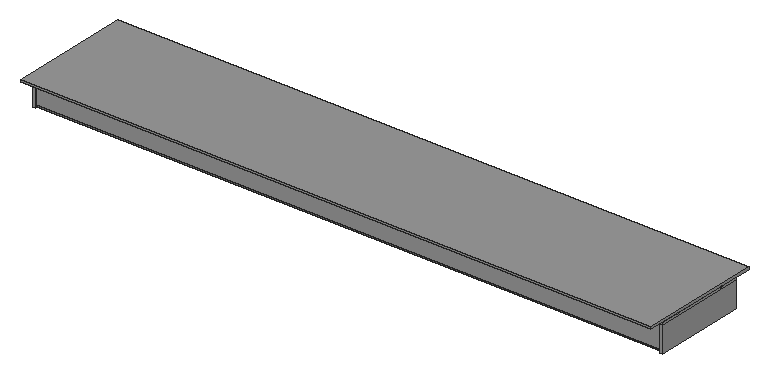
Revit family "Berica 2.2 M", category Lighting Fixtures, Revit 2020 (continued)
Definition of nested family "Light Source Berica 2.2"
  Parameters (values of type "L 45°x96°")
      8.75 87.87 88.75 \r\n91.26 95.04 99.40 105.83 112.45 119.46 127.69 134.81 \r\n144.00 151.64 160.64 170.00 179.30 189.88 200.35 211.11 \r\n222.94 234.51 246.21 259.39 270.96 284.65 297.87 311.40 \r\n324.82 338.51 353.88 368.58 383.39 398.96 415.10 433.00 \r\n448.95 467.33 485.06 504.17 524.90 546.36 568.11 591.62 \r\n615.57 641.47 667.55 695.36 725.88 754.75 786.09 821.66 \r\n854.41 889.13 927.53 962.84 1001.72 1042.71 1078.86 \r\n1122.20 1157.97 1201.54 1236.95 1273.90 1312.03 1348.69 \r\n1383.55 1416.02 1450.01 1481.39 1513.12 1540.69 1570.18 \r\n1595.38 1619.69 1642.78 1665.38 1685.63 1704.07 1720.60 \r\n1734.06 1747.44 1757.90 1768.13 1774.83 1781.46 1787.34 \r\n1791.72 1795.25 1797.24 1798.85 1798.62 1796.12 \r\n1796.12 1797.82 1798.04 1796.44 1794.48 1789.90 1784.20 \r\n1778.01 1770.86 1760.68 1748.66 1735.06 1720.35 1702.42 \r\n1681.78 1659.40 1637.02 1610.20 1583.31 1552.29 1521.85 \r\n1490.60 1454.96 1421.53 1385.22 1346.51 1308.29 1271.37 \r\n1228.29 1188.31 1148.96 1108.98 1070.49 1026.11 988.44 \r\n952.34 912.02 876.83 842.95 807.58 777.79 744.32 717.45 \r\n690.24 663.65 639.46 616.89 594.24 573.10 553.61 534.94 \r\n517.41 498.83 482.33 467.09 451.22 436.68 421.55 406.81 \r\n393.50 379.27 366.41 352.11 339.28 326.72 314.55 300.69 \r\n289.50 276.35 264.57 252.97 240.80 230.27 219.80 209.72 \r\n200.39 191.06 182.51 173.64 165.36 158.07 150.66 143.20 \r\n136.33 130.36 123.78 118.84 114.56 111.82 109.32 108.73 \r\n109.32 111.82 114.56 118.84 123.78 130.36 136.33 143.20 \r\n150.66 158.07 165.36 173.64 182.51 191.06 200.39 209.72 \r\n219.80 230.27 240.80 252.97 264.57 276.35 289.50 300.69 \r\n314.55 326.72 339.28 352.11 366.41 379.27 393.50 406.81 \r\n421.55 436.68 451.22 467.09 482.33 498.83 517.41 534.94 \r\n553.61 573.10 594.24 616.89 639.46 663.65 690.24 717.45 \r\n744.32 777.79 807.58 842.95 876.83 912.02 952.34 988.44 \r\n1026.11 1070.49 1108.98 1148.96 1188.31 1228.29 1271.37 \r\n1308.29 1346.51 1385.22 1421.53 1454.96 1490.60 1521.85 \r\n1552.29 1583.31 1610.20 1637.02 1659.40 1681.78 1702.42 \r\n1720.35 1735.06 1748.66 1760.68 1770.86 1778.01 1784.20 \r\n1789.90 1794.48 1796.44 1798.04 1797.82 1796.12 \r\n1796.12 1798.30 1798.52 1797.44 1793.59 1789.14 1783.46 \r\n1775.60 1766.19 1752.48 1738.49 1722.19 1702.79 1681.23 \r\n1657.74 1631.53 1604.12 1574.01 1542.22 1509.27 1472.76 \r\n1436.51 1399.06 1356.45 1316.14 1274.62 1233.87 1188.74 \r\n1146.73 1102.93 1065.75 1022.42 983.89 945.14 906.12 \r\n869.02 834.65 800.54 769.95 742.24 713.35 687.32 662.17 \r\n640.49 618.23 598.41 579.15 561.41 545.02 528.31 513.09 \r\n497.69 483.84 469.31 455.73 441.99 429.39 416.25 404.26 \r\n390.90 378.43 366.37 353.49 341.21 329.41 317.65 306.43 \r\n293.58 282.61 270.77 260.06 249.96 240.06 230.89 221.32 \r\n213.16 203.82 196.16 188.34 180.47 173.73 165.85 159.81 \r\n153.48 147.87 142.92 138.45 135.07 131.62 129.70 128.71 \r\n129.70 131.62 135.07 138.45 142.92 147.87 153.48 159.81 \r\n165.85 173.73 180.47 188.34 196.16 203.82 213.16 221.32 \r\n230.89 240.06 249.96 260.06 270.77 282.61 293.58 306.43 \r\n317.65 329.41 341.21 353.49 366.37 378.43 390.90 404.26 \r\n416.25 429.39 441.99 455.73 469.31 483.84 497.69 513.09 \r\n528.31 545.02 561.41 579.15 598.41 618.23 640.49 662.17 \r\n687.32 713.35 742.24 769.95 800.54 834.65 869.02 906.12 \r\n945.14 983.89 1022.42 1065.75 1102.93 1146.73 1188.74 \r\n1233.87 1274.62 1316.14 1356.45 1399.06 1436.51 1472.76 \r\n1509.27 1542.22 1574.01 1604.12 1631.53 1657.74 1681.23 \r\n1702.79 1722.19 1738.49 1752.48 1766.19 1775.60 1783.46 \r\n1789.14 1793.59 1797.44 1798.52 1798.30 1796.12 \r\n1796.12 1798.52 1798.62 1796.07 1792.52 1787.80 1781.22 \r\n1770.85 1758.08 1743.63 1725.63 1704.63 1682.56 1656.89 \r\n1629.48 1600.00 1568.44 1532.35 1498.25 1460.37 1419.06 \r\n1377.20 1337.19 1292.71 1247.16 1202.81 1156.93 1115.68 \r\n1067.41 1026.24 986.00 945.16 907.06 869.96 834.71 801.99 \r\n770.10 739.84 713.56 686.84 664.16 643.63 622.93 603.50 \r\n585.39 568.46 553.50 539.52 525.13 511.10 497.59 485.57 \r\n473.19 460.00 448.80 436.74 425.12 414.02 402.60 390.72 \r\n379.41 366.97 355.51 344.07 331.95 321.93 310.11 299.70 \r\n289.50 279.42 269.73 261.06 252.37 243.43 234.89 226.35 \r\n219.09 210.06 203.30 196.02 189.27 182.44 176.05 170.50 \r\n165.48 160.99 156.94 153.91 150.54 148.16 146.96 148.16 \r\n150.54 153.91 156.94 160.99 165.48 170.50 176.05 182.44 \r\n189.27 196.02 203.30 210.06 219.09 226.35 234.89 243.43 \r\n252.37 261.06 269.73 279.42 289.50 299.70 310.11 321.93 \r\n331.95 344.07 355.51 366.97 379.41 390.72 402.60 414.02 \r\n425.12 436.74 448.80 460.00 473.19 485.57 497.59 511.10 \r\n525.13 539.52 553.50 568.46 585.39 603.50 622.93 643.63 \r\n664.16 686.84 713.56 739.84 770.10 801.99 834.71 869.96 \r\n907.06 945.16 986.00 1026.24 1067.41 1115.68 1156.93 \r\n1202.81 1247.16 1292.71 1337.19 1377.20 1419.06 1460.37 \r\n1498.25 1532.35 1568.44 1600.00 1629.48 1656.89 1682.56 \r\n1704.63 1725.63 1743.63 1758.08 1770.85 1781.22 1787.80 \r\n1792.52 1796.07 1798.62 1798.52 1796.12 \r\n1796.12 1798.68 1798.49 1796.12 1791.58 1785.80 1777.25 \r\n1765.04 1750.82 1731.74 1711.92 1688.04 1662.75 1634.86 \r\n1603.82 1569.27 1531.16 1495.61 1452.39 1412.18 1365.68 \r\n1323.95 1277.13 1229.21 1182.00 1135.14 1087.12 1042.50 \r\n998.90 955.10 919.43 878.25 844.39 807.00 776.72 746.44 \r\n718.80 692.96 669.98 647.95 628.72 610.11 593.14 576.71 \r\n562.55 547.41 534.77 522.72 511.08 499.87 487.84 477.10 \r\n465.95 456.08 444.96 434.66 424.53 414.12 402.41 392.48 \r\n380.65 370.02 358.78 348.14 338.08 326.51 317.36 307.63 \r\n299.26 290.27 281.60 273.00 264.97 256.43 249.04 241.22 \r\n234.16 226.41 219.67 212.20 205.51 199.06 193.01 188.29 \r\n182.94 179.06 175.26 171.39 167.91 165.65 163.98 165.65 \r\n167.91 171.39 175.26 179.06 182.94 188.29 193.01 199.06 \r\n205.51 212.20 219.67 226.41 234.16 241.22 249.04 256.43 \r\n264.97 273.00 281.60 290.27 299.26 307.63 317.36 326.51 \r\n338.08 348.14 358.78 370.02 380.65 392.48 402.41 414.12 \r\n424.53 434.66 444.96 456.08 465.95 477.10 487.84 499.87 \r\n511.08 522.72 534.77 547.41 562.55 576.71 593.14 610.11 \r\n628.72 647.95 669.98 692.96 718.80 746.44 776.72 807.00 \r\n844.39 878.25 919.43 955.10 998.90 1042.50 1087.12 \r\n1135.14 1182.00 1229.21 1277.13 1323.95 1365.68 1412.18 \r\n1452.39 1495.61 1531.16 1569.27 1603.82 1634.86 1662.75 \r\n1688.04 1711.92 1731.74 1750.82 1765.04 1777.25 1785.80 \r\n1791.58 1796.12 1798.49 1798.68 1796.12 \r\n1796.12 1798.50 1797.50 1795.05 1790.68 1783.73 1773.05 \r\n1759.93 1741.65 1721.22 1696.84 1672.12 1641.57 1611.40 \r\n1573.88 1537.04 1499.78 1453.16 1410.52 1363.46 1316.51 \r\n1265.09 1221.66 1169.58 1120.94 1073.65 1024.78 983.55 \r\n935.70 896.81 859.82 823.19 790.32 760.55 728.74 704.88 \r\n679.35 657.67 637.02 618.09 602.55 586.36 571.79 557.70 \r\n545.07 532.46 522.70 510.89 501.48 491.81 482.18 472.28 \r\n463.23 453.26 444.11 434.46 424.40 414.74 403.33 394.04 \r\n383.30 373.08 363.33 353.35 343.77 335.51 326.64 318.75 \r\n310.77 302.11 294.22 286.49 279.40 271.71 264.17 257.08 \r\n249.48 242.62 235.48 228.92 222.60 216.37 210.88 205.05 \r\n200.95 196.24 192.78 188.77 184.86 182.70 181.02 182.70 \r\n184.86 188.77 192.78 196.24 200.95 205.05 210.88 216.37 \r\n222.60 228.92 235.48 242.62 249.48 257.08 264.17 271.71 \r\n279.40 286.49 294.22 302.11 310.77 318.75 326.64 335.51 \r\n343.77 353.35 363.33 373.08 383.30 394.04 403.33 414.74 \r\n424.40 434.46 444.11 453.26 463.23 472.28 482.18 491.81 \r\n501.48 510.89 522.70 532.46 545.07 557.70 571.79 586.36 \r\n602.55 618.09 637.02 657.67 679.35 704.88 728.74 760.55 \r\n790.32 823.19 859.82 896.81 935.70 983.55 1024.78 1073.65 \r\n1120.94 1169.58 1221.66 1265.09 1316.51 1363.46 1410.52 \r\n1453.16 1499.78 1537.04 1573.88 1611.40 1641.57 1672.12 \r\n1696.84 1721.22 1741.65 1759.93 1773.05 1783.73 1790.68 \r\n1795.05 1797.50 1798.50 1796.12 \r\n1796.12 1798.75 1797.82 1794.63 1789.41 1781.33 1768.87 \r\n1752.38 1733.45 1710.43 1683.10 1654.65 1621.44 1587.07 \r\n1549.90 1505.59 1462.51 1415.22 1367.70 1317.23 1268.06 \r\n1217.30 1167.82 1116.88 1067.01 1017.31 971.21 927.80 \r\n884.65 844.75 811.73 780.38 749.17 719.81 694.60 671.63 \r\n649.04 631.43 612.26 596.98 581.74 567.59 555.63 543.17 \r\n533.32 522.48 512.97 504.29 496.71 488.29 479.07 470.50 \r\n462.07 453.53 444.97 435.22 426.52 416.86 407.41 398.18 \r\n387.93 378.90 369.16 361.44 353.85 346.26 338.10 330.98 \r\n323.34 316.09 308.07 301.00 293.98 286.67 280.12 272.69 \r\n266.76 259.17 252.73 246.56 240.04 234.56 228.89 224.21 \r\n218.91 214.77 210.01 205.77 201.75 198.94 197.90 198.94 \r\n201.75 205.77 210.01 214.77 218.91 224.21 228.89 234.56 \r\n240.04 246.56 252.73 259.17 266.76 272.69 280.12 286.67 \r\n293.98 301.00 308.07 316.09 323.34 330.98 338.10 346.26 \r\n353.85 361.44 369.16 378.90 387.93 398.18 407.41 416.86 \r\n426.52 435.22 444.97 453.53 462.07 470.50 479.07 488.29 \r\n496.71 504.29 512.97 522.48 533.32 543.17 555.63 567.59 \r\n581.74 596.98 612.26 631.43 649.04 671.63 694.60 719.81 \r\n749.17 780.38 811.73 844.75 884.65 927.80 971.21 1017.31 \r\n1067.01 1116.88 1167.82 1217.30 1268.06 1317.23 1367.70 \r\n1415.22 1462.51 1505.59 1549.90 1587.07 1621.44 1654.65 \r\n1683.10 1710.43 1733.45 1752.38 1768.87 1781.33 1789.41 \r\n1794.63 1797.82 1798.75 1796.12 \r\n1796.12 1798.78 1797.82 1793.45 1788.12 1779.17 1764.88 \r\n1748.56 1725.11 1700.81 1672.90 1638.12 1603.81 1564.64 \r\n1520.63 1476.91 1429.16 1382.58 1328.87 1277.99 1224.27 \r\n1174.10 1120.55 1068.60 1019.32 969.99 926.54 882.80 \r\n842.91 804.45 775.50 744.36 717.17 689.89 668.80 647.26 \r\n628.00 610.60 593.85 580.17 567.00 554.78 543.71 533.58 \r\n524.15 516.43 510.10 502.49 493.87 486.39 478.34 470.96 \r\n464.34 456.19 447.70 438.95 429.97 421.01 412.95 403.63 \r\n395.35 386.66 379.49 372.05 365.33 358.08 351.48 343.41 \r\n337.02 329.70 323.04 316.63 309.46 303.06 295.96 289.55 \r\n283.11 276.43 270.61 264.09 258.53 252.71 247.03 242.02 \r\n237.85 232.18 227.84 222.29 217.26 214.54 213.04 214.54 \r\n217.26 222.29 227.84 232.18 237.85 242.02 247.03 252.71 \r\n258.53 264.09 270.61 276.43 283.11 289.55 295.96 303.06 \r\n309.46 316.63 323.04 329.70 337.02 343.41 351.48 358.08 \r\n365.33 372.05 379.49 386.66 395.35 403.63 412.95 421.01 \r\n429.97 438.95 447.70 456.19 464.34 470.96 478.34 486.39 \r\n493.87 502.49 510.10 516.43 524.15 533.58 543.71 554.78 \r\n567.00 580.17 593.85 610.60 628.00 647.26 668.80 689.89 \r\n717.17 744.36 775.50 804.45 842.91 882.80 926.54 969.99 \r\n1019.32 1068.60 1120.55 1174.10 1224.27 1277.99 1328.87 \r\n1382.58 1429.16 1476.91 1520.63 1564.64 1603.81 1638.12 \r\n1672.90 1700.81 1725.11 1748.56 1764.88 1779.17 1788.12 \r\n1793.45 1797.82 1798.78 1796.12 \r\n1796.12 1798.78 1796.95 1792.71 1787.28 1776.14 1761.93 \r\n1740.17 1716.45 1689.47 1659.42 1625.45 1584.56 1543.84 \r\n1501.01 1449.02 1399.52 1348.15 1294.14 1240.58 1187.43 \r\n1130.57 1080.80 1028.28 979.52 932.65 886.97 846.71 \r\n808.32 774.45 745.76 716.83 691.45 668.39 645.89 627.81 \r\n609.85 594.79 580.39 567.35 555.36 544.83 535.62 526.66 \r\n520.03 514.40 507.29 500.33 493.38 486.59 480.56 474.44 \r\n467.40 459.43 451.15 443.86 435.65 427.39 419.09 411.34 \r\n404.25 396.76 391.15 383.73 377.44 371.03 364.17 358.14 \r\n351.49 344.77 337.92 331.52 324.86 319.11 312.50 306.15 \r\n300.06 293.02 287.06 281.10 275.57 269.67 264.21 259.01 \r\n254.26 248.52 243.89 236.07 231.25 228.13 227.04 228.13 \r\n231.25 236.07 243.89 248.52 254.26 259.01 264.21 269.67 \r\n275.57 281.10 287.06 293.02 300.06 306.15 312.50 319.11 \r\n324.86 331.52 337.92 344.77 351.49 358.14 364.17 371.03 \r\n377.44 383.73 391.15 396.76 404.25 411.34 419.09 427.39 \r\n435.65 443.86 451.15 459.43 467.40 474.44 480.56 486.59 \r\n493.38 500.33 507.29 514.40 520.03 526.66 535.62 544.83 \r\n555.36 567.35 580.39 594.79 609.85 627.81 645.89 668.39 \r\n691.45 716.83 745.76 774.45 808.32 846.71 886.97 932.65 \r\n979.52 1028.28 1080.80 1130.57 1187.43 1240.58 1294.14 \r\n1348.15 1399.52 1449.02 1501.01 1543.84 1584.56 1625.45 \r\n1659.42 1689.47 1716.45 1740.17 1761.93 1776.14 1787.28 \r\n1792.71 1796.95 1798.78 1796.12 \r\n1796.12 1798.64 1796.33 1792.50 1785.40 1774.49 1757.10 \r\n1736.34 1711.17 1681.07 1648.80 1611.73 1573.20 1527.15 \r\n1476.11 1427.36 1376.93 1319.33 1264.51 1210.75 1154.39 \r\n1098.40 1050.01 995.75 947.69 900.63 858.14 817.68 781.95 \r\n750.40 722.16 695.32 672.83 650.57 630.28 612.75 597.57 \r\n582.87 570.32 559.06 548.01 539.40 529.76 524.91 519.11 \r\n512.94 506.07 500.12 494.62 489.94 484.55 478.39 471.48 \r\n463.96 456.95 449.06 442.09 434.66 427.46 420.08 414.44 \r\n408.57 402.46 396.09 390.21 384.91 377.75 371.81 365.18 \r\n359.36 352.59 346.67 340.42 334.44 327.63 321.59 314.89 \r\n308.29 302.47 296.35 290.56 284.83 279.33 273.60 268.29 \r\n262.05 255.74 248.70 242.15 239.62 238.57 239.62 242.15 \r\n248.70 255.74 262.05 268.29 273.60 279.33 284.83 290.56 \r\n296.35 302.47 308.29 314.89 321.59 327.63 334.44 340.42 \r\n346.67 352.59 359.36 365.18 371.81 377.75 384.91 390.21 \r\n396.09 402.46 408.57 414.44 420.08 427.46 434.66 442.09 \r\n449.06 456.95 463.96 471.48 478.39 484.55 489.94 494.62 \r\n500.12 506.07 512.94 519.11 524.91 529.76 539.40 548.01 \r\n559.06 570.32 582.87 597.57 612.75 630.28 650.57 672.83 \r\n695.32 722.16 750.40 781.95 817.68 858.14 900.63 947.69 \r\n995.75 1050.01 1098.40 1154.39 1210.75 1264.51 1319.33 \r\n1376.93 1427.36 1476.11 1527.15 1573.20 1611.73 1648.80 \r\n1681.07 1711.17 1736.34 1757.10 1774.49 1785.40 1792.50 \r\n1796.33 1798.64 1796.12 \r\n1796.12 1798.04 1796.12 1791.54 1784.25 1772.41 1753.94 \r\n1732.43 1705.31 1673.22 1639.20 1598.98 1556.60 1511.60 \r\n1462.35 1410.23 1356.13 1296.63 1241.38 1183.34 1130.38 \r\n1074.13 1021.64 971.49 920.08 876.08 834.71 797.41 760.99 \r\n732.06 705.88 681.47 657.93 637.84 618.86 601.90 587.67 \r\n573.99 561.95 551.72 541.89 533.97 528.03 523.23 517.00 \r\n511.64 507.19 502.40 498.07 493.77 488.23 481.50 475.23 \r\n468.26 461.68 454.75 447.81 440.94 434.89 428.74 424.07 \r\n418.40 412.70 407.29 401.14 395.81 389.53 383.81 377.99 \r\n372.02 365.37 360.09 353.29 347.34 340.17 334.15 327.58 \r\n320.92 315.30 309.26 303.06 297.02 291.62 284.98 279.78 \r\n273.02 265.99 257.33 250.84 247.79 247.73 247.79 250.84 \r\n257.33 265.99 273.02 279.78 284.98 291.62 297.02 303.06 \r\n309.26 315.30 320.92 327.58 334.15 340.17 347.34 353.29 \r\n360.09 365.37 372.02 377.99 383.81 389.53 395.81 401.14 \r\n407.29 412.70 418.40 424.07 428.74 434.89 440.94 447.81 \r\n454.75 461.68 468.26 475.23 481.50 488.23 493.77 498.07 \r\n502.40 507.19 511.64 517.00 523.23 528.03 533.97 541.89 \r\n551.72 561.95 573.99 587.67 601.90 618.86 637.84 657.93 \r\n681.47 705.88 732.06 760.99 797.41 834.71 876.08 920.08 \r\n971.49 1021.64 1074.13 1130.38 1183.34 1241.38 1296.63 \r\n1356.13 1410.23 1462.35 1511.60 1556.60 1598.98 1639.20 \r\n1673.22 1705.31 1732.43 1753.94 1772.41 1784.25 1791.54 \r\n1796.12 1798.04 1796.12 \r\n1796.12 1797.93 1795.47 1791.21 1783.34 1771.19 1752.76 \r\n1728.79 1701.02 1668.91 1631.77 1593.26 1548.11 1499.75 \r\n1447.50 1394.85 1337.87 1285.17 1225.44 1165.48 1112.48 \r\n1053.44 1002.04 949.40 904.45 857.65 817.77 783.52 749.06 \r\n718.22 693.69 670.28 647.91 626.93 609.85 594.68 579.69 \r\n567.27 556.11 546.37 537.37 530.67 525.96 520.95 516.54 \r\n512.26 507.90 503.99 500.69 496.07 490.75 485.17 478.42 \r\n472.08 465.56 459.63 453.33 446.58 441.21 436.52 430.93 \r\n426.32 420.72 415.67 410.17 404.40 399.61 393.75 387.50 \r\n382.02 375.78 369.57 363.59 356.97 350.86 344.20 337.79 \r\n331.73 324.91 318.55 311.95 306.19 300.25 294.71 287.59 \r\n281.33 273.17 263.84 257.15 254.48 253.94 254.48 257.15 \r\n263.84 273.17 281.33 287.59 294.71 300.25 306.19 311.95 \r\n318.55 324.91 331.73 337.79 344.20 350.86 356.97 363.59 \r\n369.57 375.78 382.02 387.50 393.75 399.61 404.40 410.17 \r\n415.67 420.72 426.32 430.93 436.52 441.21 446.58 453.33 \r\n459.63 465.56 472.08 478.42 485.17 490.75 496.07 500.69 \r\n503.99 507.90 512.26 516.54 520.95 525.96 530.67 537.37 \r\n546.37 556.11 567.27 579.69 594.68 609.85 626.93 647.91 \r\n670.28 693.69 718.22 749.06 783.52 817.77 857.65 904.45 \r\n949.40 1002.04 1053.44 1112.48 1165.48 1225.44 1285.17 \r\n1337.87 1394.85 1447.50 1499.75 1548.11 1593.26 1631.77 \r\n1668.91 1701.02 1728.79 1752.76 1771.19 1783.34 1791.21 \r\n1795.47 1797.93 1796.12 \r\n1796.12 1797.56 1795.66 1790.23 1783.07 1768.79 1750.48 \r\n1725.56 1698.37 1665.61 1628.00 1584.13 1542.82 1493.72 \r\n1440.06 1384.99 1330.16 1273.93 1213.38 1156.26 1100.48 \r\n1040.88 989.65 939.83 893.02 849.85 809.13 772.53 740.47 \r\n710.70 685.2
